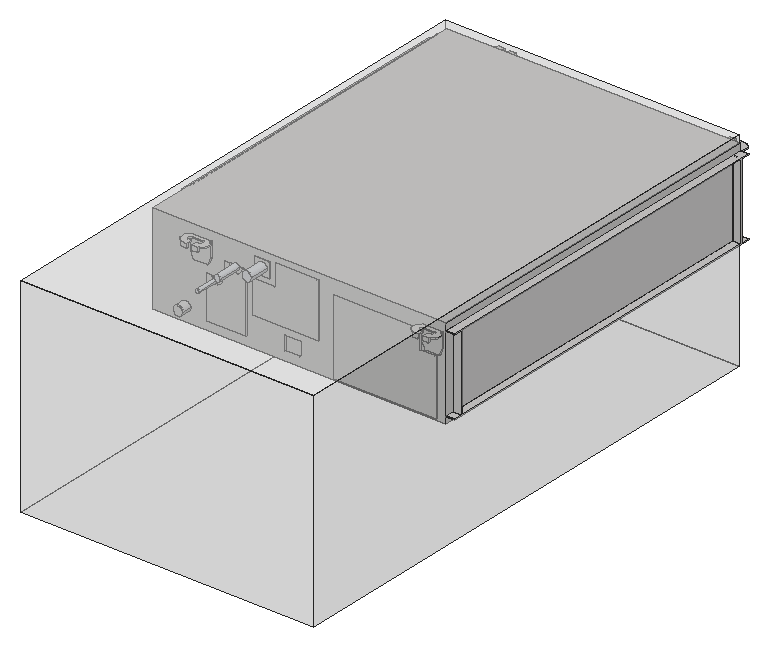
Revit family "outputfile", category 機械設備, Revit 2024
Family settings
  丸型コネクタ寸法 = 半径を使用
  パーツ タイプ = 標準
  OmniClass 番号 = 23.75.10.24.21.27.27
  OmniClass タイトル = Split System Air Conditioning Units
  作業面ベース = いいえ
  常に垂直 = はい
  ロード時にボイドで切り取り = いいえ
  注釈の向きを維持 = いいえ
  共有 = いいえ
  部屋計算ポイント = はい
Parameters (values of type "FXSQ80PAVS")
  Description = ""
  製造元 = "Daikin"
  書き出し IFC クラス(タイプ) = "IfcUnitaryEquipmentType"
  定義済み IFC タイプ(タイプ) = "AIRCONDITIONINGUNIT"
  Cost = 0
  モデル = "FXSQ80PAVS"
  Type Comments = ""
  Keynote = ""
  Type Image = (empty or 0)
  Assembly Code = ""
  r_Liquid Pipe Size = Liquid Pipe Size / 2  # 4.75 mm
  r_Gas Pipe Size = Gas Pipe Size / 2  # 7.95 mm
  r_Drain Pipe Size = Drain Pipe Size / 2  # 12.5 mm
  lw_power = 770.0 mm  # constant formula
  lh_SA = 138.0 mm  # constant formula
  lw_SA = if(Depth = 550.0 mm, 225.0 mm, if(Depth = 700.0 mm, 300.0 mm, if(Depth = 1000.0 mm, 450.0 mm, if(Depth = 1400.0 mm, 650.0 mm, 725.0 mm))))  # 450.0 mm
  lw_RA = if(Depth = 550.0 mm, 275.0 mm, if(Depth = 700.0 mm, 349.0 mm, if(Depth = 1000.0 mm, 499.0 mm, if(Depth = 1400.0 mm, 699.0 mm, 775.0 mm))))  # 499.0 mm
  lh_power = 60.0 mm + [h***]  # 60.0 mm
  lh_mountinghole1 = lh_mountinghole + [h***]  # 222.0 mm
  lh_RA = 123.0 mm  # constant formula
  ld_power = Depth / 2  # 500.0 mm
  Voltage_comment_50Hz = "220-240"
  Voltage_50Hz = 220 V
  URL = ""
  Supply Air Direction [instance] = yes
  Sound Power Level_H speed (dB) = 65.5
  Phase_50Hz = 1
  Minimum External Static Pressure = 50.00 Pa
  Minimum Circuit Amps_50Hz = 1.8 A
  Maximum Fuse Amps_50Hz = 16.0 A
  Maximum External Static Pressure = 150.00 Pa
  Material_Casing = DAIKIN_GalvanizedSteel_Casing_indoorunit
  lw_mountinghole = 630.0 mm  # constant formula
  lh_gaspipe = 183.0 mm + [h***]  # 183.0 mm
  lh_mountinghole = 222.0 mm  # constant formula
  lh_liquidpipe = 136.0 mm + [h***]  # 136.0 mm
  lh_drainpipe = 207.0 mm + [h***]  # 207.0 mm
  lh_antena = Height - lh_mountinghole + 1.0 mm  # 24.0 mm
  ld_drainpipe = Depth / 2 + 53.0 mm  # 553.0 mm
  ld_liquidpipe = Depth / 2 + 69.0 mm  # 569.0 mm
  ld_gaspipe = Depth / 2 + 65.0 mm  # 565.0 mm
  ld_mountinghole = Depth + 38.0 mm  # 1038.0 mm
  h*** = 0.0 mm  # constant formula
  lw_liquidpipe = 179.0 mm  # constant formula
  lw_gaspipe = 229.0 mm  # constant formula
  lw_drainpipe = 300.0 mm  # constant formula
  Width = 800.0 mm
  Version = "ver.1.0"
  Unit Type = "Middle Static Pressure Duct Type"
  Unit Mass Weight = 37.00 kg
  Unit Designation [instance] = ""
  Uniclass2015Version = "Products v1.30"
  Uniclass2015Title = "Variable refrigerant flow units"
  Uniclass2015Code = "Pr_70_65_03_94"
  Total Heating Capacity [instance] = 0.000 kW
  Total Cooling Capacity [instance] = 0.000 kW
  Sound Pressure Level_M speed (dBA) = 0
  Sound Pressure Level_L speed (dBA) = 30
  Sound Pressure Level_H speed (dBA) = 37.5
  Series = "VRV Fan Coil Unit"
  Sensible Cooling Capacity [instance] = 0.000 kW
  SA Duct Size Width = if(Depth = 550.0 mm, 337.0 mm, if(Depth = 700.0 mm, 492.0 mm, if(Depth = 1000.0 mm, 792.0 mm, if(Depth = 1400.0 mm, 1192.0 mm, 1337.0 mm))))  # 792.0 mm
  SA Duct Size Height = 176.0 mm
  Refrigerant Type = "R410A"
  RA Duct Size Width = if(Depth = 550.0 mm, 502.0 mm, if(Depth = 700.0 mm, 654.0 mm, if(Depth = 1000.0 mm, 952.0 mm, if(Depth = 1400.0 mm, 1352.0 mm, 1502.0 mm))))  # 952.0 mm
  RA Duct Size Height = 208.0 mm
  Power Input (Heating) = 0.225 kW
  Power Input (Cooling) = 0.230 kW
  Option Accessory 3 [instance] = ""
  Option Accessory 2 [instance] = ""
  Option Accessory 1 [instance] = ""
  Nominal Heating Capacity = 10.000 kW
  Nominal Cooling Capacity = 9.000 kW
  Minimum Airflow = 960.00 m³/h
  Median Airflow = 1170.00 m³/h
  Maximum Airflow = 1380.00 m³/h
  Load Classification = HVAC
  Liquid Pipe Size = 9.5 mm
  Link_Nested Family [instance] = ""
  IfcVersion = "0"
  IfcExportType = "AIRCONDITIONINGUNIT"
  IfcExportAs = "IfcUnitaryEquipmentType"
  Height = 245.0 mm
  Heating Entering Wet Bulb Temperature [instance] = 0.00 °C
  Heating Entering Dry Bulb Temperature [instance] = 0.00 °C
  Heating Ambient Wet Bulb Temperature [instance] = 0.00 °C
  Heating Ambient Dry Bulb Temperature [instance] = 0.00 °C
  Heat Exchanger Type = "Cross Fin Coil"
  Gas Pipe Size = 15.9 mm
  Frequency_50Hz = 50 Hz
  Fan Type = "Sirocco Fan"
  Fan Drive = "Direct Drive"
  FCU Tag No. [instance] = ""
  Drain Pipe Size = 25.0 mm
  Design Supply Airflow [instance] = 0.00 m³/h
  Design Return Airflow [instance] = 0.00 m³/h
  Design External Static Pressure [instance] = 0.00 Pa
  Depth = 1000.0 mm
  既定の高さ = 0.0 mm
  Cooling Entering Wet Bulb Temperature [instance] = 0.00 °C
  Cooling Entering Dry Bulb Temperature [instance] = 0.00 °C
  Cooling Ambient Wet Bulb Temperature [instance] = 0.00 °C
  Cooling Ambient Dry Bulb Temperature [instance] = 0.00 °C
  Clearance visibility [instance] = yes
  Clearance Top = 20.0 mm
  Clearance Right = 0.0 mm
  Clearance Rear = 0.0 mm
  Clearance Left = 0.0 mm
  Clearance Front = 450.0 mm
  Clearance Bottom = 300.0 mm
Reference planes
  plane 1 "Center (Front/Back)": y = 0
  plane 2 "h": z = 0
  plane 3 "Center (Left/Right)": x = 0
  plane 4 "Back": y = 500
  plane 5 "Front": y = -500
  plane 6 "Left": x = -400
  plane 7 "Reight": x = 400
  plane 8 "Top": z = 0
  plane 9 "Bottom": z = -245
  plane 10: y = -215
  plane 11: y = 500
  plane 12: y = -950
  plane 13: x = -400
  plane 14: x = 400
  plane 15: z = 20
  plane 16: z = -545
  plane 17: x = -400
  plane 18: x = -399
  plane 19: x = 399
  plane 20: y = 50
  plane 21: y = -1
  plane 22: z = -122
  plane 23: y = -501
  plane 24: z = -109
  plane 25: x = -221
  plane 26: y = -565
  plane 27: z = -62
  plane 28: x = -171
  plane 29: y = -553
  plane 30: z = -38
  plane 31: x = -100
  plane 32: x = -100
  plane 33: x = -221
  plane 34: x = -171
  plane 35: x = 370
  plane 36: x = -266
  plane 37: x = 364
  plane 38: y = -519
  plane 39: y = 519
  plane 40: z = -23
  plane 41: z = -107
  plane 42: y = -570
  plane 43: z = -207
  plane 44: x = -309
  plane 45: y = -526
  plane 46: x = -251
  plane 47: x = -203
  plane 48: x = -144
  plane 49: z = -59
  plane 50: z = -106
  plane 51: z = -221
  plane 52: z = -109
  plane 53: x = -221
  plane 54: z = -62
  plane 55: x = -171
  plane 56: z = -17
  plane 57: z = -59
  plane 58: x = -121
  plane 59: x = -79
  plane 60: x = -125
  plane 61: x = -64
  plane 62: x = 53
  plane 63: z = -164
  plane 64: z = -73
  plane 65: z = -16
  plane 66: x = 93.5
  plane 67: x = 374.5
  plane 68: x = 330
  plane 69: z = -88.5
  plane 70: z = -38
  plane 71: z = -242.5
  plane 72: x = -38.5
  plane 73: x = 6.5
  plane 74: z = -181
  plane 75: z = -221
  plane 76: y = -499
  plane 77: x = -424
  plane 78: x = 424
Forms (mm)
  Extrusion 1, solid, material "DAIKIN_GalvanizedSteel_Casing_indoorunit" <- "Material_Casing"
    sketch origin (0, 0, 0) x (1, 0, 0) y (0, 1, 0)
      loop
        line (-399, 500) -> (-399, -500) -> (399, -500) -> (399, 500) -> (-399, 500)
    from -245 to 0
  Extrusion 2, solid, material "DAIKIN_GalvanizedSteel_Casing_indoorunit" <- "Material_Casing"
    sketch origin (0, 0, 0) x (1, 0, 0) y (0, 0, 1)
      loop
        line (-251, -221) -> (-144, -221) -> (-144, -59) -> (-154.47, -59)
        arc (-154.47, -59) -> (-171, -78.8) -> (-187.53, -59) r 16.8
        line (-187.53, -59) -> (-203, -59) -> (-203, -106) -> (-206.916, -106)
        arc (-206.916, -106) -> (-221, -123.4) -> (-235.084, -106) r 14.4
        line (-235.084, -106) -> (-251, -106) -> (-251, -221)
    from 500 to 501
  Extrusion 3, solid, material "DAIKIN_GalvanizedSteel_Casing_indoorunit" <- "Material_Casing"
    sketch origin (0, 0, 0) x (1, 0, 0) y (0, 0, 1)
      loop
        line (-121, -17) -> (-121, -59) -> (-79, -59) -> (-79, -17) -> (-121, -17)
      loop
        line (-125, -73) -> (-125, -164) -> (53, -164) -> (53, -16) -> (-64, -16) -> (-64, -73) -> (-125, -73)
    from 500 to 501
  Extrusion 4, solid, material "DAIKIN_GalvanizedSteel_Casing_indoorunit" <- "Material_Casing"
    sketch origin (0, 0, 0) x (1, 0, 0) y (0, 0, 1)
      loop
        line (93.5, -38) -> (93.5, -242.5) -> (374.5, -242.5) -> (374.5, -88.5) -> (330, -88.5) -> (330, -38) -> (93.5, -38)
    from 500 to 501
  Extrusion 5, solid
    sketch origin (0, 0, 0) x (1, 0, 0) y (0, 0, 1)
      loop
        circle (-221, -109) r 4.75
    from 500 to 570
  Extrusion 6, solid
    sketch origin (0, 0, 0) x (1, 0, 0) y (0, 0, 1)
      loop
        circle (-171, -62) r 7.95
    from 500 to 565
  Extrusion 7, solid
    sketch origin (0, 0, 0) x (1, 0, 0) y (0, 0, 1)
      loop
        circle (-100, -38) r 12.5
    from 501 to 553
  Extrusion 8, solid, material "DAIKIN_GalvanizedSteel_Casing_indoorunit" <- "Material_Casing"
    sketch origin (0, 0, 0) x (1, 0, 0) y (0, 0, 1)
      loop
        circle (-309, -207) r 13
    from 500 to 526
  Extrusion 9, void
    sketch origin (0, 0, 0) x (1, 0, 0) y (0, 0, 1)
      loop
        line (-38.5, -181) -> (-38.5, -221) -> (6.5, -221) -> (6.5, -181) -> (-38.5, -181)
    from 499 to 500
Cuts and joins
  Extrusion 9 cuts Extrusion 1
Dimensions and locks
  "Height": plane 8 "Top" to plane 9 "Bottom"
  equal spacing: plane 4 "Back", plane 1 "Center (Front/Back)", plane 5 "Front"
  "Depth": plane 4 "Back" to plane 5 "Front"
  equal spacing: plane 6 "Left", plane 3 "Center (Left/Right)", plane 7 "Reight"
  "Width": plane 6 "Left" to plane 7 "Reight"
  "Clearance Left": plane 13 to plane 6 "Left"
  "Clearance Right": plane 7 "Reight" to plane 14
  "Clearance Rear": plane 11 to plane 4 "Back"
  "Clearance Front": plane 5 "Front" to plane 12
  "Clearance Top": plane 15 to plane 8 "Top"
  "Clearance Bottom": plane 9 "Bottom" to plane 16
  locked: plane 17 to plane 18 at 1
  locked: plane 19 to plane 14 at 1
  "lw_SA": plane 11 to plane 20
  "lw_RA": plane 21 to plane 5 "Front"
  "lh_RA": plane 22 to plane 9 "Bottom"
  locked: plane 5 "Front" to plane 23 at 1
  "lw_liquidpipe": plane 25 to plane 6 "Left"
  "lh_liquidpipe": plane 24 to plane 9 "Bottom"
  "lh_gaspipe": plane 27 to plane 9 "Bottom"
  "lw_gaspipe": plane 28 to plane 6 "Left"
  "ld_gaspipe": plane 26 to plane 1 "Center (Front/Back)"
  "ld_drainpipe": plane 29 to plane 1 "Center (Front/Back)"
  "lh_drainpipe": plane 30 to plane 9 "Bottom"
  "lw_drainpipe": plane 31 to plane 6 "Left"
  "lw_drainpipe": plane 6 "Left" to plane 32
  "lw_liquidpipe": plane 6 "Left" to plane 33
  "lw_gaspipe": plane 6 "Left" to plane 34
  "lw_power": plane 6 "Left" to plane 35
  locked: plane 17 to plane 36 at 134
  "lw_mountinghole": plane 36 to plane 37
  equal spacing: plane 38, plane 1 "Center (Front/Back)", plane 39
  "ld_mountinghole": plane 39 to plane 38
  "lh_mountinghole": plane 40 to plane 9 "Bottom"
  "lh_SA": plane 41 to plane 9 "Bottom"
  "ld_liquidpipe": plane 21 to plane 42
  locked: plane 44 to plane 6 "Left" at 91
  locked: plane 43 to plane 9 "Bottom" at 38
  locked: plane 5 "Front" to plane 45 at 26
  plane 48 to plane 47 to plane 46 to plane 6 "Left" = 59.0 mm, 48.0 mm, 149.0 mm
  plane 8 "Top" to plane 49 to plane 50 to plane 51 = 59.0 mm locked, 47.0 mm locked, 115.0 mm locked
  plane 55 to plane 53 to plane 6 "Left" = 50.0 mm locked, 179.0 mm locked
  plane 54 to plane 52 to plane 9 "Bottom" = 47.0 mm locked, 136.0 mm locked
  plane 59 to plane 58 to plane 6 "Left" = 42.0 mm locked, 279.0 mm locked
  plane 8 "Top" to plane 56 to plane 57 = 17.0 mm locked, 42.0 mm locked
  plane 62 to plane 61 to plane 60 to plane 6 "Left" = 117.0 mm, 61.0 mm, 275.0 mm
  plane 8 "Top" to plane 65 to plane 64 = 16.0 mm locked, 57.0 mm locked
  locked: plane 65 to plane 63 at 148
  plane 8 "Top" to plane 70 to plane 69 to plane 71 = 38.0 mm locked, 50.5 mm locked, 154.0 mm locked
  plane 67 to plane 68 to plane 66 to plane 6 "Left" = 44.5 mm locked, 236.5 mm locked, 493.5 mm locked
  plane 8 "Top" to plane 74 to plane 75 = 181.0 mm locked, 40.0 mm locked
  plane 73 to plane 72 to plane 6 "Left" = 45.0 mm, 361.5 mm
  locked: plane 76 to plane 5 "Front" at 1
  locked: plane 77 to plane 17 at 24
  locked: plane 14 to plane 78 at 24
  "r_Liquid Pipe Size": radius of Extrusion 5 sketch curve
  "r_Gas Pipe Size": radius of Extrusion 6 sketch curve
  "r_Drain Pipe Size": radius of Extrusion 7 sketch curve
  aligned and locked: level to plane 2 "h"
  aligned and locked: plane 8 "Top" to Extrusion 1
  aligned and locked: Extrusion 1 to plane 9 "Bottom"
  aligned and locked: nested 5 to plane 12
  aligned and locked: plane 13 to nested 5
  aligned and locked: plane 14 to nested 5
  aligned and locked: nested 5 to plane 13
  aligned and locked: plane 11 to nested 5
  aligned and locked: plane 15 to nested 5
  aligned and locked: plane 16 to nested 5
  aligned and locked: plane 5 "Front" to Extrusion 1 sketch curve
  aligned and locked: Extrusion 1 to plane 18
  aligned and locked: plane 19 to Extrusion 1
  aligned and locked: nested 7 to plane 18
  aligned and locked: nested 7 to plane 20
  aligned and locked: plane 19 to nested 8
  aligned and locked: plane 21 to nested 8
  aligned and locked: plane 22 to nested 8
  aligned and locked: Extrusion 2 to plane 23
  aligned and locked: plane 5 "Front" to Extrusion 2
  aligned and locked: Extrusion 3 to plane 23
  aligned and locked: plane 5 "Front" to Extrusion 3
  aligned and locked: plane 5 "Front" to Extrusion 4
  aligned and locked: Extrusion 5 sketch curve to plane 25
  aligned and locked: plane 24 to Extrusion 5 sketch curve
  aligned and locked: plane 5 "Front" to Extrusion 5
  aligned and locked: Extrusion 6 sketch curve to plane 28
  aligned and locked: plane 27 to Extrusion 6 sketch curve
  aligned and locked: plane 5 "Front" to Extrusion 6
  aligned and locked: Extrusion 7 sketch curve to plane 31
  aligned and locked: Extrusion 7 sketch curve to plane 30
  aligned and locked: Extrusion 7 to plane 29
  aligned and locked: plane 23 to Extrusion 7
  aligned and locked: nested 3 to plane 29
  aligned and locked: plane 32 to nested 3
  aligned and locked: nested 2 to plane 33
  aligned and locked: nested 1 to plane 34
  aligned and locked: Extrusion 6 to plane 26
  aligned and locked: nested 1 to plane 26
  aligned and locked: nested 6 to plane 5 "Front"
  aligned and locked: nested 6 to plane 35
  aligned and locked: plane 36 to nested 10
  aligned and locked: nested 10 to plane 5 "Front"
  aligned and locked: plane 37 to nested 9
  aligned and locked: nested 9 to plane 5 "Front"
  aligned and locked: nested 11 to plane 36
  aligned and locked: plane 4 "Back" to nested 11
  aligned and locked: nested 12 to plane 37
  aligned and locked: plane 4 "Back" to nested 12
  aligned and locked: plane 40 to nested 10
  aligned and locked: plane 40 to nested 11
  aligned and locked: plane 40 to nested 9
  aligned and locked: plane 40 to nested 12
  aligned and locked: plane 36 to nested 14
  aligned and locked: nested 14 to plane 39
  aligned and locked: plane 37 to nested 13
  aligned and locked: nested 13 to plane 39
  aligned and locked: plane 37 to nested 16
  aligned and locked: plane 38 to nested 16
  aligned and locked: plane 38 to nested 15
  aligned and locked: plane 36 to nested 15
  aligned and locked: plane 17 to plane 6 "Left"
  aligned and locked: plane 41 to nested 7
  aligned and locked: Extrusion 5 to plane 42
  aligned and locked: nested 2 to plane 42
  aligned and locked: Extrusion 8 sketch curve to plane 44
  aligned and locked: plane 43 to Extrusion 8 sketch curve
  aligned and locked: plane 5 "Front" to Extrusion 8
  aligned and locked: plane 45 to Extrusion 8
  aligned and locked: Extrusion 3 sketch curve to plane 56
  aligned and locked: Extrusion 3 sketch curve to plane 58
  aligned and locked: plane 57 to Extrusion 3 sketch curve
  aligned and locked: plane 59 to Extrusion 3 sketch curve
  aligned and locked: Extrusion 4 to plane 23
  aligned and locked: Extrusion 9 sketch curve to plane 74
  aligned and locked: plane 75 to Extrusion 9 sketch curve
  aligned and locked: plane 73 to Extrusion 9 sketch curve
  aligned and locked: plane 5 "Front" to Extrusion 9
  aligned and locked: plane 76 to Extrusion 9
  aligned and locked: nested 17 to plane 20
  aligned and locked: nested 17 to plane 77
  aligned and locked: plane 21 to nested 18
  aligned and locked: plane 78 to nested 18
  aligned and locked: plane 41 to nested 17
  aligned and locked: nested 18 to plane 22
  aligned and locked: nested 4 to plane 3 "Center (Left/Right)"
  aligned and locked: plane 1 "Center (Front/Back)" to nested 4
  aligned and locked: level to plane 8 "Top"
Automatic sketch dimensions
  plane 6 "Left" to Extrusion 1 sketch curve = 1.0 mm
  Extrusion 1 sketch curve to plane 7 "Reight" = 1.0 mm
  Extrusion 1 sketch curve to plane 4 "Back" = 0.0 mm
  Extrusion 2 sketch curve to plane 46 = 0.0 mm
  Extrusion 2 sketch curve to plane 33 = 0.0 mm
  Extrusion 2 sketch curve to plane 47 = 0.0 mm
  Extrusion 2 sketch curve to plane 34 = 0.0 mm
  Extrusion 2 sketch curve to plane 48 = 0.0 mm
  Extrusion 2 sketch curve to plane 51 = 0.0 mm
  Extrusion 2 sketch curve to plane 52 = 0.0 mm
  Extrusion 2 sketch curve to plane 50 = 0.0 mm  (x3)
  Extrusion 2 sketch curve to plane 54 = 0.0 mm
  Extrusion 2 sketch curve to plane 49 = 0.0 mm  (x3)
  plane 33 to Extrusion 2 sketch curve = 14.084 mm
  plane 34 to Extrusion 2 sketch curve = 16.53 mm
  Extrusion 3 sketch curve to plane 60 = 0.0 mm
  Extrusion 3 sketch curve to plane 61 = 0.0 mm
  Extrusion 3 sketch curve to plane 62 = 0.0 mm
  Extrusion 3 sketch curve to plane 63 = 0.0 mm
  Extrusion 3 sketch curve to plane 64 = 0.0 mm
  Extrusion 3 sketch curve to plane 65 = 0.0 mm
  Extrusion 4 sketch curve to plane 66 = 0.0 mm
  Extrusion 4 sketch curve to plane 68 = 0.0 mm
  Extrusion 4 sketch curve to plane 67 = 0.0 mm
  Extrusion 4 sketch curve to plane 71 = 0.0 mm
  Extrusion 4 sketch curve to plane 69 = 0.0 mm
  Extrusion 4 sketch curve to plane 70 = 0.0 mm
  Extrusion 9 sketch curve to plane 72 = 0.0 mm
  radius of Extrusion 8 sketch curve = 13.0 mm
Nested families
  nested 1: "daikin_connector_rotate2" at (-171, 0, -62), length <- "ld_gaspipe", built-in parameter 1001364 <- "lh_gaspipe", radius <- "r_Gas Pipe Size", type "daikin_connector_rotate2"
    with radius 7.95 mm, length 565.0 mm, angle_vertical 90.00°
  nested 2: "daikin_connector_rotate2" at (-221, -1, -109), length <- "ld_liquidpipe", built-in parameter 1001364 <- "lh_liquidpipe", radius <- "r_Liquid Pipe Size", type "daikin_connector_rotate2"
    with radius 4.75 mm, length 569.0 mm, angle_vertical 90.00°
  nested 3: "daikin_connector_rotate2" at (-100, 0, -38), length <- "ld_drainpipe", built-in parameter 1001364 <- "lh_drainpipe", radius <- "r_Drain Pipe Size", type "daikin_connector_rotate2"
    with radius 12.5 mm, length 553.0 mm, angle_vertical 90.00°
  nested 4: "daikin_△_symbolicline" at (0, 0, 245) x (0, -1, 0) z (0, 0, 1), built-in parameter 1001364 <- "Height", visible <- "Supply Air Direction", type "daikin_△_symbolicline"
    with length 200.0 mm
  nested 5: "daikin_clearancespace" at (0, -225, -262.381), visible <- "Clearance visibility", show <- "Clearance visibility", Link_Nested Family <- "Link_Nested Family", type "daikin_clearancespace"
    with width 800.0 mm, show yes, height 565.0 mm, depth 1450.0 mm, Link_Nested Family ""
  nested 6: "daikin_connector_rotate2" at (370, 0, -185), built-in parameter 1001364 <- "lh_power", length <- "ld_power", type "daikin_connector_rotate2"
    with radius 10.0 mm, length 500.0 mm, angle_vertical 90.00°
  nested 7: "daikin_ductflange_FXSQ-PAVS2" at (-399, 50, -107) x (0, -1, 0) z (0, 0, 1), type "daikin_ductflange_FXSQ-PAVS2"
    with width 792.0 mm, w 1000.0 mm
  nested 8: "daikin_ductflange_FXSQ-PAVS" at (399, -1, -122) x (0, 1, 0) z (0, 0, 1), type "daikin_ductflange_FXSQ-PAVS"
    with width 952.0 mm, w 1000.0 mm
  nested 9: "daikin_hangerfixture_FXSQ-PAVS" at (364, -500, -23), type "daikin_hangerfixture_FXSQ-PAVS"
  nested 10: "daikin_hangerfixture_FXSQ-PAVS" at (-266, -500, -23), type "daikin_hangerfixture_FXSQ-PAVS"
  nested 11: "daikin_hangerfixture_FXSQ-PAVS" at (-266, 500, -23) x (-1, 0, 0) z (0, 0, 1), type "daikin_hangerfixture_FXSQ-PAVS"
  nested 12: "daikin_hangerfixture_FXSQ-PAVS" at (364, 500, -23) x (-1, 0, 0) z (0, 0, 1), type "daikin_hangerfixture_FXSQ-PAVS"
  nested 13: "daikin_mountinghole" at (364, 519, -245), h_mountinghole <- "lh_mountinghole1", l_antenna <- "lh_antena", Link_Nested Family <- "Link_Nested Family", type "daikin_mountinghole"
    with show yes, l_antenna 24.0 mm, h_mountinghole 222.0 mm, Link_Nested Family ""
  nested 14: "daikin_mountinghole" at (-266, 519, -245), h_mountinghole <- "lh_mountinghole1", l_antenna <- "lh_antena", Link_Nested Family <- "Link_Nested Family", type "daikin_mountinghole"
    with show yes, l_antenna 24.0 mm, h_mountinghole 222.0 mm, Link_Nested Family ""
  nested 15: "daikin_mountinghole" at (-266, -519, -245), h_mountinghole <- "lh_mountinghole1", l_antenna <- "lh_antena", Link_Nested Family <- "Link_Nested Family", type "daikin_mountinghole"
    with show yes, l_antenna 24.0 mm, h_mountinghole 222.0 mm, Link_Nested Family ""
  nested 16: "daikin_mountinghole" at (364, -519, -245), h_mountinghole <- "lh_mountinghole1", l_antenna <- "lh_antena", Link_Nested Family <- "Link_Nested Family", type "daikin_mountinghole"
    with show yes, l_antenna 24.0 mm, h_mountinghole 222.0 mm, Link_Nested Family ""
  nested 17: "daikin_connector_rotate2" at (-400, 50, -107) x (0, -1, 0) z (0, 0, 1), type "daikin_connector_rotate2"
    with radius 10.0 mm, length 24.0 mm, angle_vertical 90.00°
  nested 18: "daikin_connector_rotate2" at (400, -1, -122) x (0, 1, 0) z (0, 0, 1), type "daikin_connector_rotate2"
    with radius 10.0 mm, length 24.0 mm, angle_vertical 90.00°
Connectors
  piping at (-100, -553, -38), diameter 25, driven by "r_Drain Pipe Size"
    settings: on nested 3, index 3, connector inside diameter 609.6 mm, connector length 0.0 mm, flow factor 0, pipe flow 0.00 m³/h, pressure drop 0.0 Pa, fitting loss kfactor 0, connector angle 0.00°, fixture units 0, engagement length 0.0 mm, angle of deflection 0.00°, flow configuration 1, flow direction 2, fitting loss method 4, system type 16, joint type 0, gender type 0, connector reference index -1, connector utility 0, adjustable connector no, is connector primary yes, connector description "Condensate Drain Piping"
  piping at (-171, -565, -62), diameter 15.9, driven by "r_Gas Pipe Size"
    settings: on nested 1, index 4, connector inside diameter 609.6 mm, connector length 0.0 mm, flow factor 0, pipe flow 0.00 m³/h, pressure drop 0.0 Pa, fitting loss kfactor 0, connector angle 0.00°, fixture units 0, engagement length 0.0 mm, angle of deflection 0.00°, flow configuration 1, flow direction 2, fitting loss method 0, system type 29, joint type 0, gender type 0, connector reference index -1, connector utility 0, adjustable connector no, is connector primary no, connector description "Refrigerant Gas Piping"
  piping at (-221, -570, -109), diameter 9.5, driven by "r_Liquid Pipe Size"
    settings: on nested 2, index 5, connector inside diameter 609.6 mm, connector length 0.0 mm, flow factor 0, pipe flow 0.00 m³/h, pressure drop 0.0 Pa, fitting loss kfactor 0, connector angle 0.00°, fixture units 0, engagement length 0.0 mm, angle of deflection 0.00°, flow configuration 1, flow direction 1, fitting loss method 0, system type 29, joint type 0, gender type 0, connector reference index -1, connector utility 0, adjustable connector no, is connector primary no, connector description "Refrigerant Liquid Piping"
  electrical at (370, -500, -185), driven by "Load Classification"
    settings: on nested 6, index 6, voltage 0 V, apparent load 0 VA, apparent load phase1 0 VA, apparent load phase2 0 VA, apparent load phase3 0 VA, power factor 1, load classification "HVAC", number of poles 1, system type 30, power factor state 1, is connector primary yes, connector utility no, sub classification motor no, connector description "Power Supply"
  hvac at (-424, 50, -107), driven by "SA Duct Size Height", driven by "SA Duct Size Width"
    settings: on nested 17, index 7, duct flow 0.00 m³/h, flow factor 0, pres drop 0.00 Pa, loss coef 0, conn angle 0.00°, conn width 792.0 mm, conn height 176.0 mm, conn diameter 609.6 mm, duct sys type 1, conn prof type 1, flow config 0, flow direction 2, loss method 4, conn ref index -1, conn util no, is conn primary yes, conn desc "SA Duct"
  hvac at (424, -1, -122), driven by "RA Duct Size Height", driven by "RA Duct Size Width"
    settings: on nested 18, index 8, duct flow 0.00 m³/h, flow factor 0, pres drop 0.00 Pa, loss coef 0, conn angle 0.00°, conn width 952.0 mm, conn height 208.0 mm, conn diameter 609.6 mm, duct sys type 2, conn prof type 1, flow config 0, flow direction 1, loss method 4, conn ref index -1, conn util no, is conn primary no, conn desc "RA Duct"
Definition of nested family "daikin_clearancespace"
  Parameters (values of type "daikin_clearancespace")
    width [instance] = 1823.963 mm
    show [instance] = yes
    material = none
    height [instance] = 1359.762 mm
    depth [instance] = 880.0 mm
    Default Elevation = 0.0 mm
    Link_Nested Family [instance] = ""
  Reference planes
    plane 1 "Center (Front/Back)": y = 0
    plane 2 "Center (Elevation)": z = -0.119
    plane 3 "Center (Left/Right)": x = 0
    plane 4: y = 440
    plane 5: y = -440
    plane 6 "Right": x = 911.982
    plane 7 "Left": x = -911.982
    plane 8 "Top": z = 679.762
    plane 9 "Bottom": z = -680
  Forms (mm)
    Extrusion 1, solid, material <- "material", visible <- "show"
      sketch origin (0, 0, 0) x (1, 0, 0) y (0, 1, 0)
        loop
          line (-911.982, 440) -> (-911.982, -440) -> (911.982, -440) -> (911.982, 440) -> (-911.982, 440)
      from -680 to 679.762
  Lines and regions (mm)
    symbolic lines, visible <- "show"
      curve 1: line (911.982, 440, 0) -> (-911.982, 440, 0)
      curve 2: line (-911.982, 440, 0) -> (-911.982, -440, 0)
      curve 3: line (-911.982, -440, 0) -> (911.982, -440, 0)
      curve 4: line (911.982, -440, 0) -> (911.982, 440, 0)
      curve 5: line (911.982, 0, 679.762) -> (-911.982, 0, 679.762)
      curve 6: line (911.982, 0, -680) -> (911.982, 0, 679.762)
      curve 7: line (-911.982, 0, -680) -> (911.982, 0, -680)
      curve 8: line (-911.982, 0, 679.762) -> (-911.982, 0, -680)
      curve 9: line (0, 440, 679.762) -> (0, -440, 679.762)
      curve 10: line (0, -440, 679.762) -> (0, -440, -680)
      curve 11: line (0, 440, -680) -> (0, 440, 679.762)
      curve 12: line (0, -440, -680) -> (0, 440, -680)
  Dimensions and locks
    "width": plane 7 "Left" to plane 6 "Right"
    "depth": plane 4 to plane 5
    "height": plane 8 "Top" to plane 9 "Bottom"
    equal spacing: plane 7 "Left", plane 3 "Center (Left/Right)", plane 6 "Right"
    equal spacing: plane 4, plane 1 "Center (Front/Back)", plane 5
    equal spacing: plane 8 "Top", plane 2 "Center (Elevation)", plane 9 "Bottom"
    aligned and locked: level to plane 2 "Center (Elevation)"
    aligned and locked: Extrusion 1 sketch curve to plane 4
    aligned and locked: plane 7 "Left" to Extrusion 1 sketch curve
    aligned and locked: Extrusion 1 sketch curve to plane 5
    aligned and locked: Extrusion 1 sketch curve to plane 6 "Right"
    aligned and locked: plane 8 "Top" to Extrusion 1
    aligned and locked: curve 1 to Extrusion 1
    aligned and locked: curve 2 to Extrusion 1
    aligned and locked: curve 3 to Extrusion 1
    aligned and locked: curve 4 to Extrusion 1
    aligned and locked: curve 5 to Extrusion 1
    aligned and locked: curve 6 to Extrusion 1
    aligned and locked: curve 7 to Extrusion 1
    aligned and locked: curve 8 to Extrusion 1
    aligned and locked: curve 9 to Extrusion 1
    aligned and locked: curve 10 to Extrusion 1
    aligned and locked: curve 11 to Extrusion 1
    aligned and locked: curve 12 to Extrusion 1
    aligned and locked: Extrusion 1 to plane 9 "Bottom"
Definition of nested family "daikin_ductflange_FXSQ-PAVS2"
  Parameters (values of type "daikin_ductflange_FXMQ-PAVE2")
    width = if(w = 550.0 mm, 337.0 mm, if(w = 700.0 mm, 492.0 mm, if(w = 1000.0 mm, 792.0 mm, if(w = 1400.0 mm, 1192.0 mm, 1337.0 mm))))  # 337.0 mm
    material = none
    height = 215.0 mm
    depth = 1.0 mm
    w = 550.0 mm
    Default Elevation = 0.0 mm
  Reference planes
    plane 1 "Center (Front/Back)": y = 0
    plane 2: z = 0
    plane 3 "Center (Left/Right)": x = 0
    plane 4: z = 88
    plane 5: z = -88
    plane 6: y = -25
    plane 7: z = 106
    plane 8: z = 89
    plane 9: y = -1
    plane 10: x = -192.5
    plane 11: x = 192.5
    plane 12: z = -106
    plane 13: z = -89
    plane 14: y = -1
    plane 15: x = 168.5
    plane 16: x = -168.5
    plane 17: x = 169.5
    plane 18: z = 87
    plane 19: z = -87
    plane 20: x = -169.5
    plane 21: z = 87
    plane 22: z = -87
    plane 23: y = -1
  Forms (mm)
    Extrusion 1, solid, material <- "material"
      sketch origin (0, 0, 0) x (0, 1, 0) y (0, 0, 1)
        loop
          line (-25, 88) -> (0, 88) -> (0, 106) -> (-1, 106) -> (-1, 89) -> (-25, 89) -> (-25, 88)
      from -192.5 to 192.5
    Extrusion 2, solid, material <- "material"
      sketch origin (0, 0, 0) x (0, 1, 0) y (0, 0, 1)
        loop
          line (-25, -88) -> (-25, -89) -> (-1, -89) -> (-1, -106) -> (0, -106) -> (0, -88) -> (-25, -88)
      from -192.5 to 192.5
    Extrusion 3, solid, material <- "material"
      sketch origin (0, 0, 0) x (1, 0, 0) y (0, 0, 1)
        loop
          line (168.5, 88) -> (168.5, -88) -> (192.5, -88) -> (192.5, -87) -> (169.5, -87) -> (169.5, 87) -> (192.5, 87) -> (192.5, 88) -> (168.5, 88)
      from 0 to 25
    Extrusion 4, solid, material <- "material"
      sketch origin (0, 0, 0) x (1, 0, 0) y (0, 0, 1)
        loop
          line (-192.5, 88) -> (-192.5, 87) -> (-169.5, 87) -> (-169.5, -87) -> (-192.5, -87) -> (-192.5, -88) -> (-168.5, -88) -> (-168.5, 88) -> (-192.5, 88)
      from 0 to 25
    Extrusion 5, solid, material <- "material"
      sketch origin (0, 0, 0) x (1, 0, 0) y (0, 0, 1)
        loop
          line (-192.5, 88) -> (-192.5, -88) -> (-168.5, -88) -> (-168.5, 88) -> (-192.5, 88)
        loop
          line (192.5, 88) -> (168.5, 88) -> (168.5, -88) -> (192.5, -88) -> (192.5, 88)
      from 0 to 1
  Cuts and joins
    joined: Extrusion 1, Extrusion 2, Extrusion 3, Extrusion 4, Extrusion 5
  Dimensions and locks
    plane 4 to level to plane 5 = 88.0 mm, 88.0 mm
    locked: plane 6 to plane 1 "Center (Front/Back)" at 25
    locked: plane 9 to plane 1 "Center (Front/Back)" at 1
    locked: plane 8 to plane 4 at 1
    locked: plane 16 to plane 10 at 24
    locked: plane 17 to plane 15 at 1
    locked: plane 4 to plane 18 at 1
    locked: plane 19 to plane 5 at 1
    "width": plane 15 to plane 16
    plane 4 to plane 5 = 176.0 mm
    locked: plane 16 to plane 20 at 1
    locked: plane 4 to plane 21 at 1
    locked: plane 22 to plane 5 at 1
    locked: plane 23 to plane 1 "Center (Front/Back)" at 1
    plane 4 to level to plane 5 = 88.0 mm locked, 88.0 mm locked
    locked: plane 5 to plane 13 at 1
    locked: plane 5 to plane 12 at 18
    locked: plane 7 to plane 4 at 18
    equal spacing: plane 15, plane 3 "Center (Left/Right)", plane 16
    locked: plane 11 to plane 15 at 24
    plane 11 to plane 10 = 385.0 mm
    aligned and locked: level to plane 2
    aligned and locked: Extrusion 1 to plane 10
    aligned and locked: plane 11 to Extrusion 1
    aligned and locked: plane 5 to Extrusion 2
    aligned and locked: Extrusion 2 to plane 1 "Center (Front/Back)"
    aligned and locked: plane 15 to Extrusion 3 sketch curve
    aligned and locked: Extrusion 3 sketch curve to Extrusion 2  (x2)
    aligned and locked: Extrusion 3 sketch curve to plane 11
    aligned and locked: plane 6 to Extrusion 3
    aligned and locked: Extrusion 2 to plane 10
    aligned and locked: plane 11 to Extrusion 2
    aligned and locked: Extrusion 4 sketch curve to Extrusion 1  (x2)
    aligned and locked: plane 5 to Extrusion 4 sketch curve
    aligned and locked: Extrusion 4 sketch curve to plane 16
    aligned and locked: Extrusion 4 sketch curve to plane 22
    aligned and locked: plane 20 to Extrusion 4 sketch curve
    aligned and locked: plane 21 to Extrusion 4 sketch curve
    aligned and locked: Extrusion 4 to plane 1 "Center (Front/Back)"
    aligned and locked: plane 6 to Extrusion 4
    aligned and locked: Extrusion 5 sketch curve to Extrusion 1  (x4)
    aligned and locked: Extrusion 5 sketch curve to Extrusion 4  (x2)
    aligned and locked: Extrusion 5 sketch curve to Extrusion 3  (x2)
    aligned and locked: Extrusion 5 to plane 1 "Center (Front/Back)"
    aligned and locked: plane 23 to Extrusion 5
  Automatic sketch dimensions
    Extrusion 1 sketch curve to plane 6 = 0.0 mm
    Extrusion 1 sketch curve to plane 7 = 0.0 mm
    Extrusion 1 sketch curve to plane 9 = 0.0 mm
    Extrusion 1 sketch curve to plane 1 "Center (Front/Back)" = 0.0 mm
    Extrusion 1 sketch curve to plane 4 = 0.0 mm
    Extrusion 1 sketch curve to plane 8 = 0.0 mm
    Extrusion 2 sketch curve to plane 6 = 0.0 mm
    plane 12 to Extrusion 2 sketch curve = 0.0 mm
    Extrusion 2 sketch curve to plane 14 = 0.0 mm
    Extrusion 2 sketch curve to plane 1 "Center (Front/Back)" = 0.0 mm
    plane 13 to Extrusion 2 sketch curve = 0.0 mm
    Extrusion 2 sketch curve to plane 5 = 0.0 mm
    Extrusion 3 sketch curve to plane 17 = 0.0 mm
    Extrusion 3 sketch curve to plane 19 = 0.0 mm
    Extrusion 3 sketch curve to plane 18 = 0.0 mm
    Extrusion 3 sketch curve to plane 4 = 0.0 mm
    Extrusion 4 sketch curve to plane 10 = 0.0 mm
Definition of nested family "daikin_ductflange_FXSQ-PAVS"
  Parameters (values of type "daikin_ductflange_FXMQ-PAVE")
    width = if(w = 550.0 mm, 502.0 mm, if(w = 700.0 mm, 654.0 mm, if(w = 1000.0 mm, 952.0 mm, if(w = 1400.0 mm, 1352.0 mm, 1502.0 mm))))  # 502.0 mm
    material = none
    height = 208.0 mm
    depth = 1.0 mm
    w = 550.0 mm
    Default Elevation = 0.0 mm
  Reference planes
    plane 1 "Center (Front/Back)": y = 0
    plane 2: z = 0
    plane 3 "Center (Left/Right)": x = 0
    plane 4: z = 104
    plane 5: z = -104
    plane 6: y = -25
    plane 7: z = 121
    plane 8: z = 105
    plane 9: y = -1
    plane 10: x = -275
    plane 11: x = 275
    plane 12: z = -122
    plane 13: z = -105
    plane 14: y = -1
    plane 15: x = 251
    plane 16: x = -251
    plane 17: x = 252
    plane 18: z = 103
    plane 19: z = -103
    plane 20: x = -252
    plane 21: z = 103
    plane 22: z = -103
    plane 23: y = -1
  Forms (mm)
    Extrusion 1, solid, material <- "material"
      sketch origin (0, 0, 0) x (0, 1, 0) y (0, 0, 1)
        loop
          line (-25, 104) -> (0, 104) -> (0, 121) -> (-1, 121) -> (-1, 105) -> (-25, 105) -> (-25, 104)
      from -275 to 275
    Extrusion 2, solid, material <- "material"
      sketch origin (0, 0, 0) x (0, 1, 0) y (0, 0, 1)
        loop
          line (-25, -104) -> (-25, -105) -> (-1, -105) -> (-1, -122) -> (0, -122) -> (0, -104) -> (-25, -104)
      from -275 to 275
    Extrusion 3, solid, material <- "material"
      sketch origin (0, 0, 0) x (1, 0, 0) y (0, 0, 1)
        loop
          line (251, 104) -> (251, -104) -> (275, -104) -> (275, -103) -> (252, -103) -> (252, 103) -> (275, 103) -> (275, 104) -> (251, 104)
      from 0 to 25
    Extrusion 4, solid, material <- "material"
      sketch origin (0, 0, 0) x (1, 0, 0) y (0, 0, 1)
        loop
          line (-275, 104) -> (-275, 103) -> (-252, 103) -> (-252, -103) -> (-275, -103) -> (-275, -104) -> (-251, -104) -> (-251, 104) -> (-275, 104)
      from 0 to 25
    Extrusion 5, solid, material <- "material"
      sketch origin (0, 0, 0) x (1, 0, 0) y (0, 0, 1)
        loop
          line (-275, 104) -> (-275, -104) -> (-251, -104) -> (-251, 104) -> (-275, 104)
        loop
          line (275, 104) -> (251, 104) -> (251, -104) -> (275, -104) -> (275, 104)
      from 0 to 1
  Cuts and joins
    joined: Extrusion 1, Extrusion 2, Extrusion 3, Extrusion 4, Extrusion 5
  Dimensions and locks
    plane 4 to level to plane 5 = 104.0 mm, 104.0 mm
    locked: plane 6 to plane 1 "Center (Front/Back)" at 25
    locked: plane 9 to plane 1 "Center (Front/Back)" at 1
    locked: plane 8 to plane 4 at 1
    locked: plane 11 to plane 15 at 24
    locked: plane 16 to plane 10 at 24
    locked: plane 17 to plane 15 at 1
    locked: plane 4 to plane 18 at 1
    locked: plane 19 to plane 5 at 1
    "width": plane 15 to plane 16
    equal spacing: plane 15, plane 3 "Center (Left/Right)", plane 16
    locked: plane 16 to plane 20 at 1
    locked: plane 4 to plane 21 at 1
    locked: plane 22 to plane 5 at 1
    locked: plane 23 to plane 1 "Center (Front/Back)" at 1
    locked: plane 7 to plane 4 at 17
    locked: plane 1 "Center (Front/Back)" to plane 14 at 1
    locked: plane 5 to plane 13 at 1
    "height": plane 4 to plane 5
    plane 11 to plane 10 = 550.0 mm
    locked: plane 12 to plane 13 at 17
    equal spacing: plane 4, level, plane 5
    aligned and locked: level to plane 2
    aligned and locked: Extrusion 1 to plane 10
    aligned and locked: plane 11 to Extrusion 1
    aligned and locked: plane 5 to Extrusion 2
    aligned and locked: Extrusion 2 to plane 1 "Center (Front/Back)"
    aligned and locked: plane 15 to Extrusion 3 sketch curve
    aligned and locked: Extrusion 3 sketch curve to Extrusion 2  (x2)
    aligned and locked: Extrusion 3 sketch curve to plane 11
    aligned and locked: plane 6 to Extrusion 3
    aligned and locked: Extrusion 2 to plane 10
    aligned and locked: plane 11 to Extrusion 2
    aligned and locked: Extrusion 4 sketch curve to Extrusion 1  (x2)
    aligned and locked: plane 5 to Extrusion 4 sketch curve
    aligned and locked: Extrusion 4 sketch curve to plane 16
    aligned and locked: Extrusion 4 sketch curve to plane 22
    aligned and locked: plane 20 to Extrusion 4 sketch curve
    aligned and locked: plane 21 to Extrusion 4 sketch curve
    aligned and locked: Extrusion 4 to plane 1 "Center (Front/Back)"
    aligned and locked: plane 6 to Extrusion 4
    aligned and locked: Extrusion 5 sketch curve to Extrusion 1  (x4)
    aligned and locked: Extrusion 5 sketch curve to Extrusion 4  (x2)
    aligned and locked: Extrusion 5 sketch curve to Extrusion 3  (x2)
    aligned and locked: Extrusion 5 to plane 1 "Center (Front/Back)"
    aligned and locked: plane 23 to Extrusion 5
  Automatic sketch dimensions
    Extrusion 1 sketch curve to plane 6 = 0.0 mm
    Extrusion 1 sketch curve to plane 7 = 0.0 mm
    Extrusion 1 sketch curve to plane 9 = 0.0 mm
    Extrusion 1 sketch curve to plane 1 "Center (Front/Back)" = 0.0 mm
    Extrusion 1 sketch curve to plane 4 = 0.0 mm
    Extrusion 1 sketch curve to plane 8 = 0.0 mm
    Extrusion 2 sketch curve to plane 6 = 0.0 mm
    plane 12 to Extrusion 2 sketch curve = 0.0 mm
    Extrusion 2 sketch curve to plane 14 = 0.0 mm
    Extrusion 2 sketch curve to plane 1 "Center (Front/Back)" = 0.0 mm
    plane 13 to Extrusion 2 sketch curve = 0.0 mm
    Extrusion 2 sketch curve to plane 5 = 0.0 mm
    Extrusion 3 sketch curve to plane 17 = 0.0 mm
    Extrusion 3 sketch curve to plane 19 = 0.0 mm
    Extrusion 3 sketch curve to plane 18 = 0.0 mm
    Extrusion 3 sketch curve to plane 4 = 0.0 mm
    Extrusion 4 sketch curve to plane 10 = 0.0 mm
Definition of nested family "daikin_hangerfixture_FXSQ-PAVS"
  Parameters (values of type "daikin_hangerfixture_FXMQ-PAVE")
    width = 72.0 mm
    material = none
    height = 60.0 mm
    depth = 41.0 mm
    Default Elevation = 0.0 mm
  Reference planes
    plane 1 "Center (Front/Back)": y = 0
    plane 2: z = 0
    plane 3 "Center (Left/Right)": x = 0
    plane 4: y = 417.146
    plane 5: y = -41
    plane 6: x = -36
    plane 7: x = 36
    plane 8: z = -2.3
    plane 9: z = -60
    plane 10: y = -2.3
    plane 11: z = -12
    plane 12: y = -38.7
  Forms (mm)
    Extrusion 1, solid, material <- "material"
      sketch origin (0, 0, 0) x (1, 0, 0) y (0, 1, 0)
        loop
          line (-28, 0) -> (-28, -5)
          arc (-28, -5) -> (-29.127, -8.162) -> (-32, -9.899) r 5
          arc (-32, -9.899) -> (-34.873, -11.636) -> (-36, -14.798) r 5
          line (-36, -14.798) -> (-36, -27.178)
          arc (-36, -27.178) -> (-35.429, -29.499) -> (-33.846, -31.289) r 5
          line (-33.846, -31.289) -> (-23, -38.798) -> (-23, -41.098) -> (-6.5, -41.098) -> (-6.5, -28.498)
          arc (-6.5, -28.498) -> (-7.379, -26.377) -> (-9.5, -25.498) r 3
          line (-9.5, -25.498) -> (-13.5, -25.498)
          arc (-13.5, -25.498) -> (-20, -18.998) -> (-13.5, -12.498) r 6.5
          line (-13.5, -12.498) -> (13.5, -12.498)
          arc (13.5, -12.498) -> (20, -18.998) -> (13.5, -25.498) r 6.5
          line (13.5, -25.498) -> (9.5, -25.498)
          arc (9.5, -25.498) -> (7.379, -26.377) -> (6.5, -28.498) r 3
          line (6.5, -28.498) -> (6.5, -41.098) -> (23, -41.098) -> (23, -38.798) -> (33.846, -31.289)
          arc (33.846, -31.289) -> (35.429, -29.499) -> (36, -27.178) r 5
          line (36, -27.178) -> (36, -14.596)
          arc (36, -14.596) -> (34.873, -11.434) -> (32, -9.697) r 5
          arc (32, -9.697) -> (29.127, -7.96) -> (28, -4.798) r 5
          line (28, -4.798) -> (28, 0) -> (-28, 0)
      from 0 to -2.3
    Extrusion 2, solid, material <- "material"
      sketch origin (0, 0, 0) x (1, 0, 0) y (0, 0, 1)
        loop
          line (28, -39.037) -> (28, 0) -> (-28, 0) -> (-28, -39.037)
          arc (-28, -39.037) -> (-27.91, -39.983) -> (-27.642, -40.894) r 5
          line (-27.642, -40.894) -> (-21.257, -56.857)
          arc (-21.257, -56.857) -> (-19.418, -59.14) -> (-16.615, -60) r 5
          line (-16.615, -60) -> (16.615, -60)
          arc (16.615, -60) -> (19.418, -59.14) -> (21.257, -56.857) r 5
          line (21.257, -56.857) -> (27.642, -40.894)
          arc (27.642, -40.894) -> (27.91, -39.983) -> (28, -39.037) r 5
      from 0 to 2.3
    Extrusion 3, solid, material <- "material"
      sketch origin (0, 0, 0) x (1, 0, 0) y (0, 0, 1)
        loop
          line (-23, 0) -> (-23, -9)
          arc (-23, -9) -> (-22.121, -11.121) -> (-20, -12) r 3
          line (-20, -12) -> (-9.5, -12)
          arc (-9.5, -12) -> (-7.379, -11.121) -> (-6.5, -9) r 3
          line (-6.5, -9) -> (-6.5, 0) -> (-23, 0)
        loop
          line (23, 0) -> (6.5, 0) -> (6.5, -9)
          arc (6.5, -9) -> (7.379, -11.121) -> (9.5, -12) r 3
          line (9.5, -12) -> (20, -12)
          arc (20, -12) -> (22.121, -11.121) -> (23, -9) r 3
          line (23, -9) -> (23, 0)
      from 38.8 to 41.098
  Cuts and joins
    joined: Extrusion 1, Extrusion 2, Extrusion 3
  Dimensions and locks
    plane 2 to plane 8 = 2.3 mm
    "height": plane 2 to plane 9
    locked: plane 10 to plane 1 "Center (Front/Back)" at 2.3
    locked: plane 2 to plane 11 at 12
    locked: plane 12 to plane 5 at 2.3
    aligned and locked: level to plane 2
    aligned and locked: Extrusion 1 to plane 8
    aligned and locked: plane 2 to Extrusion 1
    aligned and locked: plane 2 to Extrusion 2 sketch curve
    aligned and locked: Extrusion 2 to plane 10
    aligned and locked: Extrusion 2 to plane 1 "Center (Front/Back)"
    aligned and locked: Extrusion 3 sketch curve to cut or joined group of Extrusion 1, Extrusion 2, Extrusion 3  (x3)
    aligned and locked: cut or joined group of Extrusion 1, Extrusion 2, Extrusion 3 to Extrusion 3
  Automatic sketch dimensions
    Extrusion 2 sketch curve to plane 7 = 8.0 mm
    Extrusion 2 sketch curve to plane 8 = 36.737 mm
    plane 6 to Extrusion 2 sketch curve = 19.385 mm
    Extrusion 1 sketch curve to plane 6 = 0.0 mm
    plane 1 "Center (Front/Back)" to Extrusion 1 sketch curve = 0.0 mm
    Extrusion 1 sketch curve to plane 7 = 0.0 mm
    plane 6 to Extrusion 1 sketch curve = 2.154 mm
    plane 6 to Extrusion 1 sketch curve = 3.0 mm
    Extrusion 1 sketch curve to Extrusion 1 sketch curve = 5.0 mm  (x3)
    Extrusion 1 sketch curve to plane 12 = 0.098 mm  (x2)
    Extrusion 1 sketch curve to Extrusion 1 sketch curve = 4.0 mm  (x2)
    Extrusion 1 sketch curve to plane 5 = 0.098 mm  (x2)
    Extrusion 1 sketch curve to plane 3 "Center (Left/Right)" = 6.5 mm
    plane 3 "Center (Left/Right)" to Extrusion 1 sketch curve = 6.5 mm
    Extrusion 1 sketch curve to Extrusion 1 sketch curve = 3.0 mm
    Extrusion 1 sketch curve to plane 7 = 8.0 mm
    Extrusion 1 sketch curve to plane 7 = 5.0 mm
    Extrusion 1 sketch curve to plane 7 = 3.0 mm
    Extrusion 1 sketch curve to plane 7 = 2.154 mm
    plane 12 to Extrusion 1 sketch curve = 7.411 mm  (x2)
    plane 12 to Extrusion 1 sketch curve = 10.202 mm  (x2)
    Extrusion 1 sketch curve to Extrusion 1 sketch curve = 6.5 mm  (x2)
    Extrusion 1 sketch curve to Extrusion 1 sketch curve = 12.38 mm
    Extrusion 1 sketch curve to plane 10 = 12.296 mm
    Extrusion 1 sketch curve to plane 10 = 2.7 mm
    Extrusion 1 sketch curve to plane 10 = 2.498 mm
    plane 6 to Extrusion 1 sketch curve = 4.0 mm
    Extrusion 1 sketch curve to Extrusion 1 sketch curve = 0.0 mm  (x2)
    Extrusion 1 sketch curve to plane 7 = 4.0 mm
    Extrusion 1 sketch curve to Extrusion 1 sketch curve = 4.111 mm
    Extrusion 3 sketch curve to level = 0.0 mm  (x2)
    Extrusion 3 sketch curve to plane 11 = 0.0 mm  (x2)
    plane 11 to Extrusion 3 sketch curve = 3.0 mm  (x2)
    plane 3 "Center (Left/Right)" to Extrusion 3 sketch curve = 6.5 mm
    Extrusion 3 sketch curve to Extrusion 3 sketch curve = 3.0 mm  (x2)
    Extrusion 2 sketch curve to plane 9 = 0.0 mm
    Extrusion 2 sketch curve to Extrusion 2 sketch curve = 11.385 mm
    plane 6 to Extrusion 2 sketch curve = 8.0 mm
    plane 9 to Extrusion 2 sketch curve = 20.963 mm
    Extrusion 2 sketch curve to Extrusion 2 sketch curve = 5.0 mm  (x2)
    plane 9 to Extrusion 2 sketch curve = 3.143 mm  (x3)
    Extrusion 2 sketch curve to Extrusion 2 sketch curve = 4.642 mm  (x2)
    Extrusion 2 sketch curve to Extrusion 2 sketch curve = 0.0 mm  (x2)
    Extrusion 2 sketch curve to Extrusion 2 sketch curve = 0.358 mm
    Extrusion 2 sketch curve to Extrusion 2 sketch curve = 1.857 mm  (x2)
Definition of nested family "daikin_connector_rotate2"
  Parameters (values of type "daikin_connector_rotate2")
    Default Elevation = 1219.2 mm
    show_face = no
    radius [instance] = 10.0 mm
    length [instance] = 600.0 mm
    d_surface = 10.0 mm
    angle_vertical [instance] = 90.00°
  Reference planes
    plane 1 "Center (Front/Back)": y = 0
    plane 2: z = 0
    plane 3 "Center (Left/Right)": x = 0
  Forms (mm)
    Extrusion 1, solid, visible <- "show_face"
      sketch origin (0, -600, 0) x (1, 0, 0) y (0, 0, 1)
        loop
          circle (0, 0) r 10
      from 0 to -10
  Lines and regions (mm)
    reference lines
      curve 1: line (0, 0, 0) -> (0, -600, 0)
    symbolic lines
      curve 2: circle (0, 0, 0) r 5 normal (0, 0, 1)
    model lines, visible <- "show_face"
      curve 3: line (0, 0, 0) -> (0, -600, 0)
  Dimensions and locks
    "length": curve 1 to curve 1
    "length": curve 3 to curve 3
    "d_surface": Extrusion 1 to Extrusion 1
    "radius": radius of Extrusion 1 sketch curve
    "angle_vertical": angle curve 1 to plane 1 "Center (Front/Back)"
    "angle_vertical": angle curve 3 to plane 1 "Center (Front/Back)"
    aligned and locked: level to plane 2
    aligned and locked: plane 1 "Center (Front/Back)" to curve 1
    aligned and locked: plane 2 to curve 1
    aligned and locked: plane 1 "Center (Front/Back)" to curve 2
    aligned and locked: plane 3 "Center (Left/Right)" to curve 2
    aligned and locked: plane 1 "Center (Front/Back)" to curve 3
    aligned and locked: plane 2 to curve 3
    aligned and locked: Extrusion 1 to Extrusion 1
  Automatic sketch dimensions
    Extrusion 1 sketch curve to level = 0.0 mm
    Extrusion 1 sketch curve to plane 3 "Center (Left/Right)" = 0.0 mm
    radius of curve 2 = 5.0 mm
Definition of nested family "daikin_△_symbolicline"
  Parameters (values of type "daikin_△_symbolicline")
    length [instance] = 200.0 mm
    Default Elevation = 0.0 mm
  Reference planes
    plane 1 "Center (Front/Back)": y = 0
    plane 2: z = 0
    plane 3 "Center (Left/Right)": x = 0
  Lines and regions (mm)
    symbolic lines
      curve 1: line (0, -173.205, 0) -> (100, 0, 0)
      curve 2: line (100, 0, 0) -> (-100, 0, 0)
      curve 3: line (-100, 0, 0) -> (0, -173.205, 0)
  Dimensions and locks
    equal spacing: curve 3, plane 3 "Center (Left/Right)", curve 2
    "length": curve 3 to curve 2
    "length": curve 3 to curve 3
    "length": curve 1 to curve 1
    aligned and locked: level to plane 2
    aligned and locked: curve 2 to plane 1 "Center (Front/Back)"
    aligned and locked: plane 3 "Center (Left/Right)" to curve 3
Definition of nested family "daikin_mountinghole"
  Parameters (values of type "daikin_mountinghole")
    Default Elevation = 1219.2 mm
    Type Comments = "mountinghole"
    show [instance] = yes
    material = none
    l_centerline = 100.0 mm
    l_antenna [instance] = 100.0 mm
    h_mountinghole [instance] = 0.0 mm
    d_circle = 30.0 mm
    Link_Nested Family [instance] = ""
  Reference planes
    plane 1 "Center (Front/Back)": y = 0
    plane 2: z = 0
    plane 3 "Center (Left/Right)": x = 0
    plane 4: y = 50
    plane 5: x = -50
    plane 6: x = 50
    plane 7: y = -50
    plane 8 "h_mountinghole": z = 0
    plane 9: z = 100
  Lines and regions (mm)
    model lines, detail levels fine
      curve 1: circle (0, 0, 0) r 15 normal (0, 0, 1)
      curve 2: line (-50, 0, 0) -> (50, 0, 0)
      curve 3: line (0, 50, 0) -> (0, -50, 0)
    symbolic lines, detail levels fine
      curve 4: circle (0, 0, 0) r 15 normal (0, 0, 1)
      curve 5: line (-50, 0, 0) -> (50, 0, 0)
      curve 6: line (0, 50, 0) -> (0, -50, 0)
    model lines
      curve 7: line (0, 0, 100) -> (0, 0, 0)
  Dimensions and locks
    equal spacing: plane 4, plane 1 "Center (Front/Back)", plane 7
    "l_centerline": plane 4 to plane 7
    equal spacing: plane 5, plane 3 "Center (Left/Right)", plane 6
    "l_centerline": plane 5 to plane 6
    "l_antenna": plane 9 to plane 8 "h_mountinghole"
    "h_mountinghole": plane 8 "h_mountinghole" to plane 2
    "d_circle": diameter of curve 1
    "d_circle": diameter of curve 4
    aligned and locked: level to plane 2
    aligned and locked: plane 1 "Center (Front/Back)" to curve 1
    aligned and locked: plane 3 "Center (Left/Right)" to curve 1
    aligned and locked: plane 1 "Center (Front/Back)" to curve 2
    aligned and locked: curve 3 to plane 3 "Center (Left/Right)"
    aligned and locked: plane 6 to curve 2
    aligned and locked: plane 5 to curve 2
    aligned and locked: plane 4 to curve 3
    aligned and locked: plane 7 to curve 3
    aligned and locked: plane 1 "Center (Front/Back)" to curve 4
    aligned and locked: plane 3 "Center (Left/Right)" to curve 4
    aligned and locked: plane 6 to curve 5
    aligned and locked: plane 5 to curve 5
    aligned and locked: plane 1 "Center (Front/Back)" to curve 5
    aligned and locked: plane 4 to curve 6
    aligned and locked: plane 7 to curve 6
    aligned and locked: curve 6 to plane 3 "Center (Left/Right)"
    aligned and locked: curve 7 to plane 3 "Center (Left/Right)"
    aligned and locked: plane 9 to curve 7
    aligned and locked: plane 8 "h_mountinghole" to curve 7
